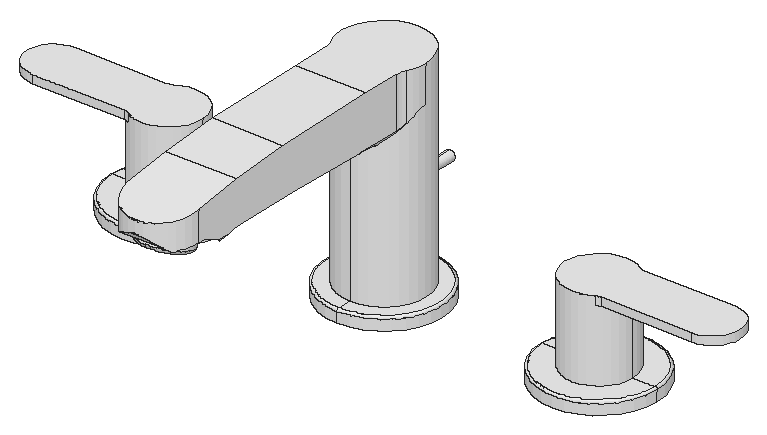
Revit family "Faucet-Lavatory-Grohe-Eurostyle_Cosmopolitan-2020900_Series", category Plumbing Fixtures, Revit 2014
Parameters (values of type "20209002")
  cUPC Compliant = yes
  Width = 2 3/16"  # constant formula
  Waste Connection = no
  Warranty Documentation Link = "https://cdn.cloud.grohe.com/tpi/1000/1900/1940/1949/1949006/original/1949006.pdf"
  WFU = 0
  Vent Connection = no
  URL = "http://www.grohe.com/ca-en/"
  Shipping Weight = 6.07 lbf
  Product Page URL = "http://www.grohe.com/ca-en/6402/bathroom/bathroom-faucets/eurostyle-cosmopolitan/product-details/?product=20209-G287&color=002&material=2020900A"
  Price = "Prices may vary. Please consult Manufacturer Representative for most up-to-date price list."  # constant formula
  Model = "20209002"
  Material = "Metal-Grohe-002-Chrome"
  Manufacturer = "Grohe"
  Length = 8"
  Installation Type = "Deck-Mounted"
  Hot Water Connection Radius = 3/16"
  Hot Water Connection Diameter = 3/8"
  Height = 4 1/8"  # constant formula
  HWFU = 1.5
  HW Connection = yes
  Flow Rate = "1.5 gpm (5.7 L/min)"
  Finish = Metal-Grohe-002-Chrome
  Description = "Eurostyle Cosmopolitan 3-hole wash-basin mixer S-Size."
  Default Elevation = 0"
  Creation Date = "11/09/2016"
  Cold Water Connection Radius = 3/16"
  Cold Water Connection Diameter = Cold Water Connection Radius * 2  # 3/8"
  CalGreen Compliant = yes
  CWFU = 1.5
  CW Connection = yes
  Assembly Code = "D2020300"
  ADA Compliant = yes
Types (3): name | Product Page URL | Model | Material | Flow Rate | Finish
  (no name) | "http://www.grohe.com/ca-en/6402/bathroom/bathroom-faucets/eurostyle-cosmopolitan/product-details/?product=20209-G287&color=002&material=2020900A" | "20209002" | "Metal-Grohe-002-Chrome" | "1.5 gpm (5.7 L/min)" | Metal-Grohe-002-Chrome
  20209002 | "http://www.grohe.com/ca-en/6402/bathroom/bathroom-faucets/eurostyle-cosmopolitan/product-details/?product=20209-G287&color=002&material=2020900A" | "20209002" | "Metal-Grohe-002-Chrome" | "1.5 gpm (5.7 L/min)" | Metal-Grohe-002-Chrome
  2020900A | "https://www.grohe.com/ca-en/6402/bathroom/bathroom-faucets/eurostyle-cosmopolitan/product-details/?product=20209-G287&color=00A&material=20209002" | "2020900A" | "Metal-Grohe-00A-Chrome" | "1.2 gpm (4.56 L/min)" | Metal-Grohe-00A-Chrome
Reference planes (in)
  plane 1 "Center (Front/Back)": y = 0
  plane 2: z = 0
  plane 3 "Center (Left/Right)": x = 0
  plane 4: x = 4
  plane 5: x = -4
  plane 6: x = -2.90625
  plane 7: x = -5.09375
  plane 8: x = 1.09375
  plane 9: x = -1.09375
  plane 10: y = -5.125
  plane 11: z = 4.125
  plane 12: z = 1.75
  plane 13: x = -6.625
  plane 14: x = -0.81909
  plane 15: x = 0.81909
  plane 16: x = 2.90625
  plane 17: x = 5.09375
  plane 18: x = 6.625
  plane 19: y = -5.77806
  plane 20: z = 2.8485
Forms (in)
  Revolve 1, solid, material "Metal-Grohe-002-Chrome" <- "Finish"
    sketch origin (0, 0, 0) x (1, 0, 0) y (0, 0, 1)
      loop
        line (-4, 0) -> (-2.91764, 0) -> (-2.91764, 0.19551)
        arc (-2.91764, 0.19551) -> (-2.92956, 0.2243) -> (-2.95835, 0.23622) r 0.04071
        line (-2.95835, 0.23622) -> (-3.37061, 0.23622) -> (-3.37061, 1.73826) -> (-4, 1.73826) -> (-4, 0)
      axis (-4, 1.73826) -> (-4, 0)
    angle from 0 to 360
  Extrusion 2, solid, material "Metal-Grohe-002-Chrome" <- "Finish"
    sketch origin (0, 0, 0) x (1, 0, 0) y (0, 1, 0)
      loop
        arc (-4.33753, -0.53124) -> (-3.37061, -0.00003) -> (-4.33747, 0.53127) r 0.62939
        arc (-4.33747, 0.53127) -> (-4.38171, 0.51128) -> (-4.42978, 0.50443) r 0.17215
        line (-4.42978, 0.50443) -> (-6.12036, 0.50443)
        arc (-6.12036, 0.50443) -> (-6.62479, 0) -> (-6.12036, -0.50443) r 0.50443
        line (-6.12036, -0.50443) -> (-4.4297, -0.50443)
        arc (-4.4297, -0.50443) -> (-4.3817, -0.51127) -> (-4.33753, -0.53124) r 0.17188
    from 1.58742 to 1.73826
  Extrusion 3, void
    sketch origin (0, 0, 0) x (1, 0, 0) y (0, 0, 1)
      loop
        arc (0.81909, 3.66749) -> (0, 2.8484) -> (-0.81909, 3.66749) r 0.81909
        line (-0.81909, 3.66749) -> (-0.81909, 2.57888) -> (0.81909, 2.57888) -> (0.81909, 3.66749)
    from 0 to 5.88021
  Sweep 4, solid, material "Metal-Grohe-002-Chrome" <- "Finish"
    path origin (0, -0.03125, 0.71875) x (0, 1, 0) y (0, 0, 1)
      loop
        line (1.57083, 0.92205) -> (1.05692, 0.92205)
        arc (1.05692, 0.92205) -> (0.97549, 0.89519) -> (0.92601, 0.82517) r 0.1369
        line (0.92601, 0.82517) -> (0.60027, -0.24025)
    profile origin (0, 1.28262, 1.6408) x (0, 0, -1) y (1, 0, 0)
      loop
        circle (0, 0) r 0.09054
  Extrusion 5, void
    sketch origin (0, 6.75, 0) x (0, 1, 0) y (0, 0, 1)
      loop
        line (-12.52806, 3.57389) -> (-12.52806, 3.75185)
        arc (-12.52806, 3.75185) -> (-12.52101, 3.77126) -> (-12.50313, 3.7816) r 0.03022
        arc (-12.50313, 3.7816) -> (-11.74664, 3.90621) -> (-10.98722, 4.01146) r 30.0241
        arc (-10.98722, 4.01146) -> (-10.44748, 4.06634) -> (-9.90575, 4.09568) r 11.48792
        arc (-9.90575, 4.09568) -> (-8.94409, 4.11767) -> (-7.9822, 4.125) r 63.10476
        line (-7.9822, 4.125) -> (-6.75, 4.125) -> (-6.75, 4.55384) -> (-13.15693, 4.55384) -> (-13.15693, 2.8485) -> (-7.53065, 2.8485)
        arc (-7.53065, 2.8485) -> (-7.59669, 3.06247) -> (-7.79769, 3.16117) r 0.28254
        arc (-7.79769, 3.16117) -> (-8.71681, 3.19989) -> (-9.63637, 3.22595) r 66.75262
        arc (-9.63637, 3.22595) -> (-10.20727, 3.23127) -> (-10.77813, 3.22273) r 23.53558
        arc (-10.77813, 3.22273) -> (-10.91263, 3.2173) -> (-11.04694, 3.20828) r 5.05602
        arc (-11.04694, 3.20828) -> (-11.17839, 3.18277) -> (-11.30097, 3.12887) r 0.60261
        arc (-11.30097, 3.12887) -> (-11.31713, 3.12515) -> (-11.33258, 3.13121) r 0.02809
        arc (-11.33258, 3.13121) -> (-11.47585, 3.22717) -> (-11.63305, 3.29806) r 1.03679
        arc (-11.63305, 3.29806) -> (-11.75522, 3.33039) -> (-11.88103, 3.34243) r 0.77465
        arc (-11.88103, 3.34243) -> (-12.06784, 3.33814) -> (-12.25382, 3.32016) r 2.54592
        arc (-12.25382, 3.32016) -> (-12.27945, 3.3209) -> (-12.30352, 3.32976) r 0.0795
        arc (-12.30352, 3.32976) -> (-12.42219, 3.41769) -> (-12.51588, 3.53188) r 0.60214
        arc (-12.51588, 3.53188) -> (-12.52496, 3.55202) -> (-12.52806, 3.57389) r 0.07857
    from -1.04996 to 1.17237
  Revolve 6, solid, material "Metal-Grohe-002-Chrome" <- "Finish"
    sketch origin (0, 6.75, 0) x (0, 1, 0) y (0, 0, 1)
      loop
        line (-5.96251, 0.23622) -> (-5.96251, 4.125) -> (-6.75, 4.125) -> (-6.75, 0) -> (-5.66722, 0) -> (-5.66722, 0.19551)
        arc (-5.66722, 0.19551) -> (-5.67915, 0.2243) -> (-5.70794, 0.23622) r 0.04071
        line (-5.70794, 0.23622) -> (-5.96251, 0.23622)
      axis (-6.75, 4.125) -> (-6.75, 0)
    angle from 0 to 360
  Revolve 7, solid, material "Metal-Grohe-002-Chrome" <- "Finish"
    sketch origin (0, 0, 0) x (0, 1, 0) y (0, 0, 1)
      loop
        line (-4.49921, 3.436) -> (-4.94347, 3.57183) -> (-5.09178, 3.08674) -> (-4.7861, 2.98148) -> (-4.77696, 3.01137) -> (-4.74741, 3.00119) -> (-4.75655, 2.97131) -> (-4.69849, 2.95356)
        arc (-4.69849, 2.95356) -> (-4.66076, 2.95719) -> (-4.63665, 2.98644) r 0.04952
        line (-4.63665, 2.98644) -> (-4.49921, 3.436)
      axis (-5.0954, 3.0749) -> (-4.94347, 3.57183)
    angle from 0 to 360
  Extrusion 8, void
    sketch origin (0, 0, 0) x (1, 0, 0) y (0, 1, 0)
      loop
        arc (0.69873, -0.36319) -> (0, 0.78749) -> (-0.69873, -0.36319) r 0.78749
        arc (-0.69873, -0.36319) -> (-0.66691, -0.44787) -> (-0.65609, -0.53768) r 0.37834
        line (-0.65609, -0.53768) -> (-0.65609, -5.11708)
        arc (-0.65609, -5.11708) -> (0, -5.77317) -> (0.65609, -5.11708) r 0.65609
        line (0.65609, -5.11708) -> (0.65609, -0.53768)
        arc (0.65609, -0.53768) -> (0.66691, -0.44787) -> (0.69873, -0.36319) r 0.37834
      loop
        line (1.09375, -6.01882) -> (1.09375, 1.14286) -> (-1.29524, 1.14286) -> (-1.29524, -6.01882) -> (1.09375, -6.01882)
    from 2.57888 to 4.55384
  Extrusion 9, solid, material "Metal-Grohe-002-Chrome" <- "Finish"
    sketch origin (0, 0, 0) x (1, 0, 0) y (0, 1, 0)
      loop
        line (-0.78749, 0) -> (-0.78749, -5.92921) -> (0.78749, -5.92921) -> (0.78749, 0) -> (-0.78749, 0)
    from 2.8485 to 4.125
  Revolve 10, solid, material "Metal-Grohe-002-Chrome" <- "Finish"
    sketch origin (0, 0, 0) x (-1, 0, 0) y (0, 0, 1)
      loop
        line (-4, 0) -> (-2.91764, 0) -> (-2.91764, 0.19551)
        arc (-2.91764, 0.19551) -> (-2.92956, 0.2243) -> (-2.95835, 0.23622) r 0.04071
        line (-2.95835, 0.23622) -> (-3.37061, 0.23622) -> (-3.37061, 1.73826) -> (-4, 1.73826) -> (-4, 0)
      axis (-4, 1.73826) -> (-4, 0)
    angle from 0 to 360
  Extrusion 11, solid, material "Metal-Grohe-002-Chrome" <- "Finish"
    sketch origin (0, 0, 0) x (-1, 0, 0) y (0, -1, 0)
      loop
        arc (-4.33753, 0.53124) -> (-4.3817, 0.51127) -> (-4.4297, 0.50443) r 0.17188
        line (-4.4297, 0.50443) -> (-6.12036, 0.50443)
        arc (-6.12036, 0.50443) -> (-6.62479, 0) -> (-6.12036, -0.50443) r 0.50443
        line (-6.12036, -0.50443) -> (-4.42978, -0.50443)
        arc (-4.42978, -0.50443) -> (-4.38171, -0.51128) -> (-4.33747, -0.53127) r 0.17215
        arc (-4.33747, -0.53127) -> (-3.37061, 0.00003) -> (-4.33753, 0.53124) r 0.62939
    from 1.58742 to 1.73826
Cuts and joins
  Extrusion 5, Extrusion 8 cuts Revolve 6
  Extrusion 3, Extrusion 5, Extrusion 8 cuts Extrusion 9
  joined: Revolve 1, Extrusion 2, Sweep 4, Revolve 6, Revolve 7, Extrusion 9, Revolve 10, Extrusion 11
Lines and regions (in)
  Masking region 1
    outline origin (0, 0, 0) x (1, 0, 0) y (0, 1, 0)
      loop
        arc (0.65609, -0.87512) -> (1.05109, 0.3025) -> (0.09054, 1.09) r 1.09375
        line (0.09054, 1.09) -> (0.09054, 1.53958) -> (-0.09054, 1.53958) -> (-0.09054, 1.09)
        arc (-0.09054, 1.09) -> (-1.05109, 0.3025) -> (-0.65609, -0.87512) r 1.09375
        line (-0.65609, -0.87512) -> (-0.65609, -5.11708)
        arc (-0.65609, -5.11708) -> (0, -5.77317) -> (0.65609, -5.11708) r 0.65609
        line (0.65609, -5.11708) -> (0.65609, -0.87512)
      loop
        arc (-4.95763, -0.50443) -> (-2.91764, 0) -> (-4.95763, 0.50443) r 1.08236
        line (-4.95763, 0.50443) -> (-6.12036, 0.50443)
        arc (-6.12036, 0.50443) -> (-6.62479, 0) -> (-6.12036, -0.50443) r 0.50443
        line (-6.12036, -0.50443) -> (-4.95763, -0.50443)
      loop
        line (4.95763, -0.50443) -> (6.12036, -0.50443)
        arc (6.12036, -0.50443) -> (6.62479, 0) -> (6.12036, 0.50443) r 0.50443
        line (6.12036, 0.50443) -> (4.95763, 0.50443)
        arc (4.95763, 0.50443) -> (2.91764, 0) -> (4.95763, -0.50443) r 1.08236
  symbolic lines, detail levels medium+fine
    curve 1: arc (-4.33753, -0.53124, 0) -> (-3.37061, -0.00003, 0) -> (-4.33747, 0.53127, 0) r 0.62939
    curve 2: arc (0.69873, -0.36319, 0) -> (0, 0.78749, 0) -> (-0.69873, -0.36319, 0) r 0.78749
    curve 3: line (0.09054, 1.09, 0) -> (0.09054, 0.78227, 0)
    curve 4: line (-0.09054, 1.09, 0) -> (-0.09054, 0.78227, 0)
    curve 5: arc (-4.33747, 0.53127, 0) -> (-4.38171, 0.51128, 0) -> (-4.42978, 0.50443, 0) r 0.17215
    curve 6: arc (-4.4297, -0.50443, 0) -> (-4.3817, -0.51127, 0) -> (-4.33753, -0.53124, 0) r 0.17188
    curve 7: line (-4.95763, -0.50443, 0) -> (-4.4297, -0.50443, 0)
    curve 8: line (-4.42978, 0.50443, 0) -> (-4.95763, 0.50443, 0)
    curve 9: arc (4.33753, -0.53124, 0) -> (3.37061, -0.00003, 0) -> (4.33747, 0.53127, 0) r 0.62939
    curve 10: arc (4.33747, 0.53127, 0) -> (4.38171, 0.51128, 0) -> (4.42978, 0.50443, 0) r 0.17215
    curve 11: arc (4.4297, -0.50443, 0) -> (4.3817, -0.51127, 0) -> (4.33753, -0.53124, 0) r 0.17188
    curve 12: line (4.95763, -0.50443, 0) -> (4.4297, -0.50443, 0)
    curve 13: line (4.42978, 0.50443, 0) -> (4.95763, 0.50443, 0)
    curve 14: arc (-0.65609, -0.53768, 0) -> (-0.66691, -0.44787, 0) -> (-0.69873, -0.36319, 0) r 0.37834
    curve 15: line (-0.65609, -0.87512, 0) -> (-0.65609, -0.53768, 0)
    curve 16: arc (0.65609, -0.53768, 0) -> (0.66691, -0.44787, 0) -> (0.69873, -0.36319, 0) r 0.37834
    curve 17: line (0.65609, -0.87512, 0) -> (0.65609, -0.53768, 0)
Dimensions and locks (in)
  "Length": plane 5 to plane 4
  plane 11 to plane 2 = 4 1/8"
  locked: plane 7 to plane 6 at 2.1875
  plane 9 to plane 8 = 2 3/16"
  plane 11 to level = 4 1/8"
  plane 1 "Center (Front/Back)" to plane 10 = 5 1/8"
  locked: plane 6 to plane 5 at 1.09375
  locked: plane 13 to plane 5 at 2.625
  locked: plane 17 to plane 16 at 2.1875
  locked: plane 4 to plane 16 at 1.09375
  locked: plane 18 to plane 4 at 2.625
  equal spacing: plane 5, plane 3 "Center (Left/Right)", plane 4
  aligned and locked: plane 5 to Revolve 1 sketch curve  (x2)
  aligned and locked: Revolve 1 to Extrusion 2
  aligned and locked: Masking region 1 sketch curve to cut or joined group 1 (Revolve 1, Extrusion 2, Extrusion 3, Sweep 4, Extrusion 5, Revolve 6, Revolve 7, Extrusion 8, Extrusion 9, Revolve 10, Extrusion 11)  (x2)
  aligned and locked: cut or joined group 1 to Masking region 1 sketch curve
Automatic sketch dimensions
  plane 1 "Center (Front/Back)" to Extrusion 2 sketch curve = 0"  (x2)
  Extrusion 2 sketch curve to plane 5 = 0"
  plane 5 to Extrusion 2 sketch curve = 55/128"
  plane 5 to Extrusion 2 sketch curve = 0.42978"
  Extrusion 2 sketch curve to plane 13 = 0.50464"
  plane 1 "Center (Front/Back)" to Extrusion 2 sketch curve = 0.50443"
  Extrusion 2 sketch curve to Extrusion 2 sketch curve = 11/64"
  Extrusion 2 sketch curve to Extrusion 2 sketch curve = 0.17215"
  Extrusion 2 sketch curve to Extrusion 2 sketch curve = 0"
  Extrusion 3 sketch curve to plane 14 = 0"
  Extrusion 3 sketch curve to plane 3 "Center (Left/Right)" = 0"
  plane 20 to Extrusion 3 sketch curve = 0.26962"
  Extrusion 3 sketch curve to plane 11 = 0.45751"
  Revolve 6 sketch curve to plane 1 "Center (Front/Back)" = 0"  (x2)
  Revolve 6 sketch curve to level = 0"
  Revolve 6 sketch curve to plane 11 = 0"
  Revolve 6 sketch curve to Revolve 6 sketch curve = 0.78749"
  Revolve 6 sketch curve to Revolve 6 sketch curve = 0.25458"
  Revolve 6 sketch curve to Revolve 6 sketch curve = 0.04071"
  Revolve 6 sketch curve to Revolve 6 sketch curve = 0.19551"
  Revolve 6 sketch curve to level = 0.17556"
  Revolve 6 sketch curve to Revolve 6 sketch curve = 1/4"
  Revolve 7 sketch curve to plane 10 = 0.03322"
  Revolve 7 sketch curve to plane 10 = 0.18153"
  Revolve 7 sketch curve to plane 20 = 0.13298"
  Revolve 7 sketch curve to Revolve 7 sketch curve = 0.30568"
  Revolve 7 sketch curve to plane 20 = 0.16286"
  Revolve 7 sketch curve to Revolve 7 sketch curve = 0.00914"  (x2)
  Revolve 7 sketch curve to plane 20 = 0.12281"
  Revolve 7 sketch curve to Revolve 7 sketch curve = 0.02955"
  Revolve 7 sketch curve to plane 20 = 0.15269"
  Revolve 7 sketch curve to plane 20 = 0.10505"
  Revolve 7 sketch curve to Revolve 7 sketch curve = 0.01448"
  Revolve 7 sketch curve to plane 20 = 0.13794"
  Revolve 7 sketch curve to Revolve 7 sketch curve = 0.04736"
  Revolve 7 sketch curve to plane 20 = 0.5875"
  Revolve 7 sketch curve to Revolve 7 sketch curve = 0.44427"
  Revolve 7 sketch curve to plane 10 = 0.06413"
  Revolve 7 sketch curve to Revolve 7 sketch curve = 0.01632"
  Revolve 7 sketch curve to Revolve 7 sketch curve = 0.10112"
  Revolve 7 sketch curve to Revolve 7 sketch curve = 0.05337"
  Extrusion 9 sketch curve to plane 19 = 0.15115"
  plane 1 "Center (Front/Back)" to Extrusion 9 sketch curve = 0"
  plane 14 to Extrusion 9 sketch curve = 0.0316"
  plane 15 to Extrusion 9 sketch curve = 0.0316"
  plane 1 "Center (Front/Back)" to Extrusion 11 sketch curve = 0"  (x2)
  Extrusion 11 sketch curve to plane 4 = 0"
  Extrusion 11 sketch curve to plane 4 = 55/128"
  Extrusion 11 sketch curve to plane 4 = 0.42978"
  plane 18 to Extrusion 11 sketch curve = 0.50464"
  Extrusion 11 sketch curve to plane 1 "Center (Front/Back)" = 0.50443"
  Extrusion 11 sketch curve to Extrusion 11 sketch curve = 11/64"
  Extrusion 11 sketch curve to Extrusion 11 sketch curve = 0.17215"
  Extrusion 11 sketch curve to Extrusion 11 sketch curve = 0"
  Extrusion 8 sketch curve to plane 3 "Center (Left/Right)" = 0"  (x2)
  plane 1 "Center (Front/Back)" to Extrusion 8 sketch curve = 0"
  Extrusion 8 sketch curve to plane 8 = 0"
  Extrusion 8 sketch curve to plane 10 = 0.00792"
  plane 14 to Extrusion 8 sketch curve = 0.163"
  Extrusion 8 sketch curve to plane 9 = 0.05932"
  plane 9 to Extrusion 8 sketch curve = 0.20149"
  Extrusion 8 sketch curve to plane 8 = 0.05932"
  Extrusion 8 sketch curve to plane 19 = 0.24076"
  plane 1 "Center (Front/Back)" to Extrusion 8 sketch curve = 0.53768"  (x2)
  Extrusion 8 sketch curve to plane 1 "Center (Front/Back)" = 1.14286"
  Extrusion 8 sketch curve to Extrusion 8 sketch curve = 0"
  plane 20 to Extrusion 5 sketch curve = 0"
  Extrusion 5 sketch curve to plane 19 = 0"
  Extrusion 5 sketch curve to plane 11 = 0"
  Extrusion 5 sketch curve to plane 1 "Center (Front/Back)" = 0"
  Extrusion 5 sketch curve to plane 19 = 0.62887"
  Extrusion 5 sketch curve to Extrusion 5 sketch curve = 0.03022"
  Extrusion 5 sketch curve to Extrusion 5 sketch curve = 0.07857"
  Extrusion 5 sketch curve to Extrusion 5 sketch curve = 0.18512"
  plane 10 to Extrusion 5 sketch curve = 0.13207"
  plane 10 to Extrusion 5 sketch curve = 0.10419"
  plane 10 to Extrusion 5 sketch curve = 0.04099"
  plane 10 to Extrusion 5 sketch curve = 0.01667"
  Extrusion 5 sketch curve to plane 10 = 0.55994"
  Extrusion 5 sketch curve to plane 10 = 0.80768"
  Extrusion 5 sketch curve to Extrusion 5 sketch curve = 0.31647"
  Extrusion 5 sketch curve to plane 10 = 1.23376"
  Extrusion 5 sketch curve to plane 10 = 1.73411"
  Extrusion 5 sketch curve to plane 10 = 2.31942"
  plane 1 "Center (Front/Back)" to Extrusion 5 sketch curve = 1.2322"
  Extrusion 5 sketch curve to plane 20 = 0.03047"
  plane 1 "Center (Front/Back)" to Extrusion 5 sketch curve = 1.06153"
  Extrusion 5 sketch curve to Extrusion 5 sketch curve = 0.28089"
  plane 1 "Center (Front/Back)" to Extrusion 5 sketch curve = 0.49557"
  plane 20 to Extrusion 5 sketch curve = 0.24089"
  plane 20 to Extrusion 5 sketch curve = 0.28064"
  Extrusion 5 sketch curve to Extrusion 5 sketch curve = 0.24711"
  level to Extrusion 5 sketch curve = 0.79675"
  Extrusion 5 sketch curve to level = 1.83143"
  Extrusion 5 sketch curve to Extrusion 5 sketch curve = 5.55548"
  Extrusion 5 sketch curve to Extrusion 5 sketch curve = 12.91731"
  Extrusion 5 sketch curve to Extrusion 5 sketch curve = 5.47436"
  Extrusion 5 sketch curve to Extrusion 5 sketch curve = 33.20117"
  Extrusion 5 sketch curve to Extrusion 5 sketch curve = 4.53157"
  Extrusion 5 sketch curve to plane 20 = 0.30466"
  Extrusion 5 sketch curve to plane 20 = 0.55046"
  Extrusion 5 sketch curve to Extrusion 5 sketch curve = 0.17493"
  Extrusion 5 sketch curve to Extrusion 5 sketch curve = 0.17796"
  Extrusion 5 sketch curve to plane 11 = 0.27113"
  plane 11 to Extrusion 5 sketch curve = 0.42884"
  Extrusion 5 sketch curve to Extrusion 5 sketch curve = 0"  (x12)
  Revolve 1 sketch curve to level = 0"
  plane 12 to Revolve 1 sketch curve = 0.01174"
  Revolve 1 sketch curve to plane 6 = 0.46436"
  Revolve 1 sketch curve to plane 6 = 0.0521"
  Revolve 1 sketch curve to plane 6 = 0.01139"
  level to Revolve 1 sketch curve = 0.19551"
  Revolve 1 sketch curve to Revolve 1 sketch curve = 0.33455"
  Revolve 1 sketch curve to Revolve 1 sketch curve = 0.41545"
  Masking region 1 sketch curve to Masking region 1 sketch curve = 0"  (x2)
  plane 1 "Center (Front/Back)" to Masking region 1 sketch curve = 0"  (x3)
  Masking region 1 sketch curve to plane 3 "Center (Left/Right)" = 0"  (x2)
  Masking region 1 sketch curve to plane 4 = 0"
  plane 14 to Masking region 1 sketch curve = 0.163"
  Masking region 1 sketch curve to plane 3 "Center (Left/Right)" = 0.09054"
  plane 3 "Center (Left/Right)" to Masking region 1 sketch curve = 0.09054"
  Masking region 1 sketch curve to plane 17 = 0.13612"
  Masking region 1 sketch curve to plane 18 = 0.50464"
  plane 1 "Center (Front/Back)" to Masking region 1 sketch curve = 0.87512"  (x2)
  Masking region 1 sketch curve to plane 10 = 0.00792"
  plane 1 "Center (Front/Back)" to Masking region 1 sketch curve = 0.50443"
  Masking region 1 sketch curve to Masking region 1 sketch curve = 0.44958"
  plane 12 to Sweep 4 sketch curve = 0.20608"
  Sweep 4 sketch curve to plane 1 "Center (Front/Back)" = 0.89476"
  Sweep 4 sketch curve to Sweep 4 sketch curve = 0.13092"
  Sweep 4 sketch curve to Sweep 4 sketch curve = 0.04003"
  Sweep 4 sketch curve to plane 1 "Center (Front/Back)" = 0.56902"
  Sweep 4 sketch curve to Sweep 4 sketch curve = 0.5139"
  level to Sweep 4 sketch curve = 0.4785"
  Sweep 4 sketch curve to plane 3 "Center (Left/Right)" = 0"
  Sweep 4 sketch curve to profile plane = 0"
  Revolve 10 sketch curve to plane 4 = 0"  (x2)
  Revolve 10 sketch curve to level = 0"
  Revolve 10 sketch curve to plane 12 = 0.01174"
  plane 16 to Revolve 10 sketch curve = 0.46436"
  plane 16 to Revolve 10 sketch curve = 0.0521"
  plane 16 to Revolve 10 sketch curve = 0.01139"
  Revolve 10 sketch curve to level = 0.19551"
  level to Revolve 10 sketch curve = 0.33455"
  Revolve 10 sketch curve to Revolve 10 sketch curve = 0.41545"
  plane 1 "Center (Front/Back)" to curve 1 = 0"
  curve 1 to plane 5 = 0"
  plane 1 "Center (Front/Back)" to curve 2 = 0"
  curve 2 to plane 3 "Center (Left/Right)" = 0"
  plane 1 "Center (Front/Back)" to curve 9 = 0"
  curve 9 to plane 4 = 0"
  plane 5 to curve 7 = 55/128"
  plane 5 to curve 8 = 0.42978"
  curve 14 to plane 9 = 0.05932"
  plane 14 to curve 15 = 0.163"
  plane 15 to curve 17 = 0.163"
  curve 16 to plane 8 = 0.05932"
  plane 4 to curve 11 = 55/128"
  plane 4 to curve 13 = 0.42978"
  plane 1 "Center (Front/Back)" to curve 12 = 0.50443"
  plane 1 "Center (Front/Back)" to curve 7 = 0.50443"
  curve 6 to curve 6 = 11/64"
  curve 11 to curve 11 = 11/64"
  curve 13 to plane 1 "Center (Front/Back)" = 0.50443"
  curve 8 to plane 1 "Center (Front/Back)" = 0.50443"
  curve 10 to curve 10 = 0.17215"
  curve 5 to curve 5 = 0.17215"
  curve 1 to curve 5 = 0"
  curve 7 to plane 7 = 0.13612"
  curve 8 to plane 7 = 0.13612"
  plane 14 to curve 14 = 0.12036"
  curve 2 to curve 14 = 0"
  curve 4 to plane 3 "Center (Left/Right)" = 0.09054"
  plane 3 "Center (Left/Right)" to curve 3 = 0.09054"
  curve 2 to curve 16 = 0"
  curve 9 to curve 10 = 0"
  curve 12 to plane 17 = 0.13612"
  curve 13 to plane 17 = 0.13612"
  curve 15 to curve 14 = 0.33743"
  curve 17 to curve 16 = 0.33743"
  curve 4 to curve 4 = 0.30773"
  curve 4 to curve 3 = 0"
  radius of Sweep 4 sketch curve = 0.09054"
Connectors (in)
  piping at (-4, 0, 0), diameter 0.375, driven by "Cold Water Connection Diameter", driven by "HWFU"
    settings: on cut or joined group 1, index 1, connector inside diameter 24", connector length 0", flow factor 0, pipe flow 0 GPM, pressure drop 0.00 psi, fitting loss kfactor 0, connector angle 0.00°, fixture units 1.5, engagement length 0", angle of deflection 0.00°, flow configuration 3, flow direction 1, fitting loss method 0, system type 19, joint type 0, gender type 0, connector reference index -1, connector utility 0, adjustable connector no, is connector primary yes, connector description "3/8\" HW Inlet supply"
  piping at (4, 0, 0), diameter 0.375, driven by "Cold Water Connection Diameter", driven by "CWFU"
    settings: on cut or joined group 1, index 2, connector inside diameter 24", connector length 0", flow factor 0, pipe flow 0 GPM, pressure drop 0.00 psi, fitting loss kfactor 0, connector angle 0.00°, fixture units 1.5, engagement length 0", angle of deflection 0.00°, flow configuration 3, flow direction 1, fitting loss method 0, system type 20, joint type 0, gender type 0, connector reference index -1, connector utility 0, adjustable connector no, is connector primary no, connector description "3/8\" CW Inlet supply"
